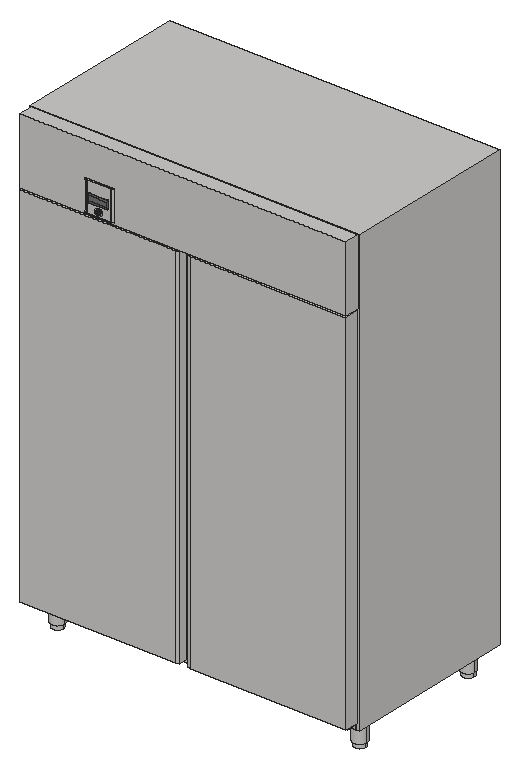
Revit family "QF_ELECTROLUXPROFESSIONAL_727995_REX142FFH", category Specialty Equipment, Revit 2018
Family settings
  Round Connector Dimension = Use Diameter
  Part Type = Normal
  Work Plane-Based = No
  Always vertical = Yes
  Cut with Voids When Loaded = No
  Shared = No
  Room Calculation Point = No
Parameters
  Weight = 210.00 kg
  Watts = 0 W
  Volts = 0 V
  URL Manufacturer = ""
  URL = ""
  Steam Supply Size = 0 mm
  Steam Supply Minimum Pressure = 0.0 Pa
  Steam Supply Maximum Pressure = 0.0 Pa
  Steam Pounds per Hour = 0
  Refrigeration Suction Line Size = 0 mm
  Refrigeration Liquid Line Size = 0 mm
  Refrigerant Compressor Remote = yes
  Manufacturer = ""
  Phase = 0
  Model = ""
  Length Actual = 1441 mm  # constant formula
  Item Number = ""
  Hot Water Size = 0 mm
  Height Actual = 2050 mm  # constant formula
  HP = "0.9 HP"
  Gas Size = 0 mm
  Gas KW = 0
  Gas Input Pressure = 0 W
  Direct Waste Size = 0 mm
  Description = ""
  Depth Actual = 835 mm  # constant formula
  Cycle = 0 Hz
  Condensate Return Size = 0 mm
  Compressed Air Volume = 0.0 L/s
  Compressed Air Size = 0 mm
  Compressed Air Pressure = 0.0 Pa
  Cold Water Size = 0 mm
  Accessory = yes
Types (2, lengths in mm): name | Volts | URL Manufacturer | URL | Manufacturer | Phase | Model | Item Number | Description | Cycle
  (no name) | 0 V | "" | "" | "" | 0 | "" | "" | "" | 0 Hz
  QF_ELECTROLUX_727995_REX142FFH.rfa | 220 V | "http://professional.electrolux.com" | "http://professional.electrolux.com" | "Electrolux" | 1 | "REX142FFH" | "727995" | "2-DOOR FREEZER 1430L -15/-20°C,DIGITAL WITH LIGHT-R290" | 60 Hz
Reference planes
  plane 1 "Center (Front/Back)": y = 0
  plane 2: z = 0
  plane 3 "Center (Left/Right)": x = 0
  plane 4 "BASE": z = 110
  plane 5 "TOP": z = 2050
  plane 6 "FRONT": y = -417.5
  plane 7 "BACK": y = 417.5
  plane 8 "LEFT": x = -720.5
  plane 9 "RIGHT": x = 720.5
Forms (mm)
  Extrusion 1, solid, material "QF_Finishes_Stainless Steel"
    sketch origin (0, 0, 0) x (1, 0, 0) y (0, 1, 0)
      loop
        circle (-643.5, 344.5) r 25
      loop
        circle (643.5, 344.5) r 25
      loop
        circle (-660.5, -269.5) r 25
      loop
        circle (660.5, -269.5) r 25
      loop
        circle (0, -121) r 25
    from 0 to 20
  Extrusion 2, solid, material "QF_Finishes_Stainless Steel"
    sketch origin (0, 0, 0) x (1, 0, 0) y (0, 1, 0)
      loop
        circle (-643.5, 344.5) r 30
      loop
        circle (643.5, 344.5) r 30
      loop
        circle (660.5, -269.5) r 30
      loop
        circle (-660.5, -269.5) r 30
      loop
        circle (0, -121) r 30
    from 20 to 110
  Extrusion 3, solid, material "QF_Finishes_Stainless Steel"
    sketch origin (0, 0, 110) x (-1, 0, 0) y (0, -1, 0)
      loop
        line (720.5, -417.5) -> (720.5, 345.5) -> (-720.5, 345.5) -> (-720.5, -417.5) -> (720.5, -417.5)
    from 0 to 1940
  Extrusion 4, solid
    sketch origin (0, 417.5, 1685) x (-1, 0, 0) y (0, 0, 1)
      loop
        circle (704.5, 124) r 10
    from 0 to 3.2
  Extrusion 5, solid, material "QF_Door-Drawer Clearances", detail levels coarse
    sketch origin (0, 0, 110) x (-1, 0, 0) y (0, -1, 0)
      loop
        line (-712.5, 409.5) -> (-648.5, 409.5) -> (-648.5, 1006.5) -> (-666.5, 1006.5) -> (-666.5, 1024.5) -> (-688.5, 1024.5) -> (-688.5, 1062.5) -> (-712.5, 1062.5) -> (-712.5, 409.5)
    from 1642.965 to 28
  Extrusion 6, solid, material "QF_Door-Drawer Clearances", detail levels coarse
    sketch origin (0, 0, 110) x (-1, 0, 0) y (0, -1, 0)
      loop
        line (-648.5, 409.5) -> (0, 409.5)
        arc (0, 409.5) -> (-211.9, 875.546) -> (-688.5, 1062.5) r 681.392
        line (-688.5, 1062.5) -> (-688.5, 1024.5) -> (-666.5, 1024.5) -> (-666.5, 1006.5) -> (-648.5, 1006.5) -> (-648.5, 409.5)
    from 1642.965 to 28
  Extrusion 7, solid, material "QF_Clearances", detail levels coarse
    sketch origin (0, 0, 110) x (-1, 0, 0) y (0, -1, 0)
      loop
        line (720.5, 417.5) -> (720.5, -417.5) -> (-720.5, -417.5) -> (-720.5, 417.5) -> (-750.5, 417.5) -> (-750.5, -447.5) -> (750.5, -447.5) -> (750.5, 417.5) -> (720.5, 417.5)
    from -110 to 1940
  Extrusion 8, solid, material "QF_Clearances", detail levels coarse
    sketch origin (0, 0, 2050) x (-1, 0, 0) y (0, -1, 0)
      loop
        line (750.5, -447.5) -> (750.5, 417.5) -> (-750.5, 417.5) -> (-750.5, -447.5) -> (750.5, -447.5)
    from 0 to 500
  Extrusion 9, void
    sketch origin (0, 417.5, 0) x (-1, 0, 0) y (0, 0, 1)
      loop
        line (645.5, 1724) -> (430, 1724) -> (430, 1695) -> (-430, 1695) -> (-430, 1724) -> (-645.5, 1724) -> (-645.5, 180) -> (-322.75, 170.906) -> (0, 180) -> (322.75, 170.906) -> (645.5, 180) -> (645.5, 1724)
    from -56 to -763
  Extrusion 10, solid, material "QF_Door-Drawer Clearances", detail levels coarse
    sketch origin (0, 0, 110) x (1, 0, 0) y (0, 1, 0)
      loop
        line (-712.5, -409.5) -> (-712.5, -1062.5) -> (-688.5, -1062.5) -> (-688.5, -1024.5) -> (-666.5, -1024.5) -> (-666.5, -1006.5) -> (-648.5, -1006.5) -> (-648.5, -409.5) -> (-712.5, -409.5)
    from 1642.965 to 28
  Extrusion 11, solid, material "QF_Door-Drawer Clearances", detail levels coarse
    sketch origin (0, 0, 110) x (1, 0, 0) y (0, 1, 0)
      loop
        line (-648.5, -409.5) -> (-648.5, -1006.5) -> (-666.5, -1006.5) -> (-666.5, -1024.5) -> (-688.5, -1024.5) -> (-688.5, -1062.5)
        arc (-688.5, -1062.5) -> (-211.9, -875.546) -> (0, -409.5) r 681.392
        line (0, -409.5) -> (-648.5, -409.5)
    from 1642.965 to 28
  Extrusion 12, solid, material "QF_Finishes_Stainless Steel"
    sketch origin (0, 417.5, 0) x (-1, 0, 0) y (0, 0, 1)
      loop
        line (40, 170.62) -> (40, 1695) -> (-40, 1695) -> (-40, 170.62) -> (0, 170) -> (40, 170.62)
    from -723 to -763
Cuts and joins
  joined: Extrusion 7, Extrusion 8
  Extrusion 9 cuts Extrusion 3
Lines and regions (mm)
  symbolic lines, style "SpecialityEquipmentHiddenLines"
    curve 1: line (712.5, -409.5, 110) -> (712.5, -1062.5, 110)
    curve 2: line (712.5, -1062.5, 110) -> (688.5, -1062.5, 110)
    curve 3: line (648.5, -409.5, 110) -> (648.5, -1006.5, 110)
    curve 4: line (688.5, -1062.5, 110) -> (688.5, -1024.5, 110)
    curve 5: line (688.5, -1024.5, 110) -> (666.5, -1024.5, 110)
    curve 6: line (666.5, -1024.5, 110) -> (666.5, -1006.5, 110)
    curve 7: line (666.5, -1006.5, 110) -> (648.5, -1006.5, 110)
    curve 13: arc (0, -409.5, 110) -> (211.9, -875.546, 110) -> (688.5, -1062.5, 110) r 681.392
    curve 14: line (-712.5, -1062.5, 110) -> (-688.5, -1062.5, 110)
    curve 15: line (-648.5, -409.5, 110) -> (-648.5, -1006.5, 110)
    curve 16: line (-688.5, -1062.5, 110) -> (-688.5, -1024.5, 110)
    curve 17: line (-688.5, -1024.5, 110) -> (-666.5, -1024.5, 110)
    curve 18: line (-666.5, -1024.5, 110) -> (-666.5, -1006.5, 110)
    curve 19: line (-666.5, -1006.5, 110) -> (-648.5, -1006.5, 110)
    curve 20: arc (0, -409.5, 110) -> (-211.9, -875.546, 110) -> (-688.5, -1062.5, 110) r 681.392
    curve 21: line (-712.5, -409.5, 110) -> (-712.5, -1062.5, 110)
  symbolic lines, style "QF_Clearances", detail levels coarse
    curve 8: line (-720.5, -417.5, 2050) -> (-750.5, -417.5, 2050)
    curve 9: line (-750.5, -417.5, 2050) -> (-750.5, 447.5, 2050)
    curve 10: line (-750.5, 447.5, 2050) -> (750.5, 447.5, 2050)
    curve 11: line (750.5, 447.5, 2050) -> (750.5, -417.5, 2050)
    curve 12: line (750.5, -417.5, 2050) -> (720.5, -417.5, 2050)
Dimensions and locks
  equal spacing: plane 7 "BACK", plane 1 "Center (Front/Back)", plane 6 "FRONT"
  equal spacing: plane 8 "LEFT", plane 3 "Center (Left/Right)", plane 9 "RIGHT"
  plane 8 "LEFT" to plane 9 "RIGHT" = 1441 mm
  plane 7 "BACK" to plane 6 "FRONT" = 835 mm
  plane 5 "TOP" to plane 2 = 2050 mm
  aligned and locked: level to plane 2
Automatic sketch dimensions
  curve 12 to plane 6 "FRONT" = 0 mm
  curve 12 to plane 9 "RIGHT" = 0 mm
  curve 8 to plane 6 "FRONT" = 0 mm
  curve 8 to plane 8 "LEFT" = 0 mm
  curve 10 to plane 9 "RIGHT" = 30 mm
  curve 8 to curve 9 = 30 mm
  plane 7 "BACK" to curve 10 = 30 mm
  Extrusion 1 sketch curve to plane 3 "Center (Left/Right)" = 0 mm
  plane 8 "LEFT" to Extrusion 1 sketch curve = 77 mm
  plane 8 "LEFT" to Extrusion 1 sketch curve = 60 mm
  plane 9 "RIGHT" to Extrusion 1 sketch curve = 77 mm
  plane 9 "RIGHT" to Extrusion 1 sketch curve = 60 mm
  plane 6 "FRONT" to Extrusion 1 sketch curve = 148 mm  (x2)
  plane 1 "Center (Front/Back)" to Extrusion 1 sketch curve = 121 mm
  Extrusion 1 sketch curve to plane 7 "BACK" = 73 mm  (x2)
  Extrusion 2 sketch curve to plane 3 "Center (Left/Right)" = 0 mm
  plane 8 "LEFT" to Extrusion 2 sketch curve = 77 mm
  plane 8 "LEFT" to Extrusion 2 sketch curve = 60 mm
  plane 9 "RIGHT" to Extrusion 2 sketch curve = 77 mm
  plane 9 "RIGHT" to Extrusion 2 sketch curve = 60 mm
  plane 6 "FRONT" to Extrusion 2 sketch curve = 148 mm  (x2)
  plane 1 "Center (Front/Back)" to Extrusion 2 sketch curve = 121 mm
  Extrusion 2 sketch curve to plane 7 "BACK" = 73 mm  (x2)
  Extrusion 3 sketch curve to plane 7 "BACK" = 0 mm
  Extrusion 3 sketch curve to plane 9 "RIGHT" = 0 mm
  Extrusion 3 sketch curve to plane 8 "LEFT" = 0 mm
  plane 6 "FRONT" to Extrusion 3 sketch curve = 72 mm
  plane 8 "LEFT" to Extrusion 4 sketch curve = 16 mm
  Extrusion 4 sketch curve to plane 5 "TOP" = 241 mm
  plane 9 "RIGHT" to Extrusion 5 sketch curve = 8 mm
  plane 9 "RIGHT" to Extrusion 5 sketch curve = 32 mm
  Extrusion 5 sketch curve to Extrusion 5 sketch curve = 22 mm
  plane 6 "FRONT" to Extrusion 5 sketch curve = 8 mm
  Extrusion 5 sketch curve to Extrusion 5 sketch curve = 64 mm
  Extrusion 5 sketch curve to plane 6 "FRONT" = 589 mm
  Extrusion 5 sketch curve to Extrusion 5 sketch curve = 18 mm
  Extrusion 5 sketch curve to Extrusion 5 sketch curve = 38 mm
  Extrusion 6 sketch curve to plane 3 "Center (Left/Right)" = 0 mm
  plane 9 "RIGHT" to Extrusion 6 sketch curve = 72 mm
  Extrusion 6 sketch curve to Extrusion 6 sketch curve = 18 mm  (x2)
  plane 9 "RIGHT" to Extrusion 6 sketch curve = 39.698 mm
  Extrusion 6 sketch curve to Extrusion 6 sketch curve = 22 mm
  plane 6 "FRONT" to Extrusion 6 sketch curve = 36.349 mm
  plane 6 "FRONT" to Extrusion 6 sketch curve = 8 mm
  Extrusion 6 sketch curve to Extrusion 6 sketch curve = 56 mm
  Extrusion 7 sketch curve to plane 6 "FRONT" = 0 mm  (x2)
  Extrusion 7 sketch curve to plane 7 "BACK" = 0 mm
  Extrusion 7 sketch curve to plane 9 "RIGHT" = 0 mm
  Extrusion 7 sketch curve to plane 8 "LEFT" = 0 mm
  Extrusion 7 sketch curve to plane 9 "RIGHT" = 30 mm
  Extrusion 7 sketch curve to Extrusion 7 sketch curve = 30 mm
  plane 7 "BACK" to Extrusion 7 sketch curve = 30 mm
  Extrusion 8 sketch curve to plane 6 "FRONT" = 0 mm
  Extrusion 8 sketch curve to plane 9 "RIGHT" = 30 mm
  Extrusion 8 sketch curve to plane 8 "LEFT" = 30 mm
  plane 7 "BACK" to Extrusion 8 sketch curve = 30 mm
  Extrusion 10 sketch curve to plane 8 "LEFT" = 8 mm
  Extrusion 10 sketch curve to plane 8 "LEFT" = 32 mm
  Extrusion 10 sketch curve to Extrusion 10 sketch curve = 22 mm
  Extrusion 10 sketch curve to plane 6 "FRONT" = 8 mm
  Extrusion 10 sketch curve to Extrusion 10 sketch curve = 64 mm
  plane 6 "FRONT" to Extrusion 10 sketch curve = 589 mm
  Extrusion 10 sketch curve to Extrusion 10 sketch curve = 18 mm
  Extrusion 10 sketch curve to Extrusion 10 sketch curve = 38 mm
  Extrusion 11 sketch curve to plane 3 "Center (Left/Right)" = 0 mm
  Extrusion 11 sketch curve to plane 8 "LEFT" = 72 mm
  Extrusion 11 sketch curve to Extrusion 11 sketch curve = 18 mm  (x2)
  Extrusion 11 sketch curve to plane 8 "LEFT" = 39.698 mm
  Extrusion 11 sketch curve to Extrusion 11 sketch curve = 22 mm
  Extrusion 11 sketch curve to plane 6 "FRONT" = 36.349 mm
  Extrusion 11 sketch curve to plane 6 "FRONT" = 8 mm
  Extrusion 11 sketch curve to Extrusion 11 sketch curve = 56 mm
  Extrusion 12 sketch curve to plane 3 "Center (Left/Right)" = 0 mm
  plane 3 "Center (Left/Right)" to Extrusion 12 sketch curve = 40 mm
  Extrusion 12 sketch curve to plane 3 "Center (Left/Right)" = 40 mm
  plane 4 "BASE" to Extrusion 12 sketch curve = 60 mm
  Extrusion 12 sketch curve to Extrusion 12 sketch curve = 0.62 mm  (x2)
  Extrusion 12 sketch curve to Extrusion 12 sketch curve = 1524.38 mm
  Extrusion 9 sketch curve to plane 3 "Center (Left/Right)" = 0 mm
  plane 4 "BASE" to Extrusion 9 sketch curve = 60.906 mm  (x2)
  plane 3 "Center (Left/Right)" to Extrusion 9 sketch curve = 322.75 mm
  plane 9 "RIGHT" to Extrusion 9 sketch curve = 290.5 mm
  plane 9 "RIGHT" to Extrusion 9 sketch curve = 75 mm
  Extrusion 9 sketch curve to plane 3 "Center (Left/Right)" = 322.75 mm
  plane 8 "LEFT" to Extrusion 9 sketch curve = 290.5 mm
  plane 8 "LEFT" to Extrusion 9 sketch curve = 75 mm
  plane 4 "BASE" to Extrusion 9 sketch curve = 70 mm  (x3)
  Extrusion 9 sketch curve to plane 5 "TOP" = 355 mm
  Extrusion 9 sketch curve to Extrusion 9 sketch curve = 29 mm  (x2)
  curve 20 to plane 3 "Center (Left/Right)" = 0 mm
  plane 9 "RIGHT" to curve 3 = 72 mm
  curve 5 to curve 3 = 18 mm
  plane 9 "RIGHT" to curve 13 = 39.698 mm
  curve 4 to curve 5 = 22 mm
  plane 9 "RIGHT" to curve 2 = 8 mm
  plane 8 "LEFT" to curve 19 = 72 mm
  curve 15 to curve 18 = 18 mm
  plane 8 "LEFT" to curve 20 = 39.698 mm
  curve 17 to curve 16 = 22 mm
  plane 8 "LEFT" to curve 14 = 8 mm
  plane 6 "FRONT" to curve 20 = 36.349 mm
  plane 6 "FRONT" to curve 13 = 36.349 mm
  curve 15 to plane 6 "FRONT" = 589 mm
  curve 3 to plane 6 "FRONT" = 589 mm
  curve 6 to curve 5 = 18 mm
  curve 18 to curve 18 = 18 mm
  curve 16 to curve 16 = 38 mm
  plane 6 "FRONT" to curve 15 = 8 mm
  plane 6 "FRONT" to curve 3 = 8 mm
  plane 6 "FRONT" to curve 21 = 8 mm
  plane 6 "FRONT" to curve 1 = 8 mm
  radius of Extrusion 1 sketch curve = 25 mm  (x5)
  radius of Extrusion 2 sketch curve = 30 mm  (x5)
  radius of Extrusion 4 sketch curve = 10 mm
Nested families
  nested 1: "QF_727995_Door" at (0, -345.5, 968.365) x (1, 0, 0) z (0, -1, 0), type "QF_727995_Door"
    with Show Clearance yes
  nested 2: "Freezer" at (720.5, -417.5, 110), type "Freezer"
Connectors
  electrical at (-704.5, 420.7, 1809), driven by "Volts"
    settings: on Extrusion 4, index 2, voltage 0 V, apparent load 0 VA, apparent load phase1 0 VA, apparent load phase2 0 VA, apparent load phase3 0 VA, power factor 1, load classification "Other", number of poles 1, system type 30, power factor state 1, is connector primary yes, connector utility no, sub classification motor no, connector description "Electrical Connection"
Definition of nested family "QF_727995_Door"
  Parameters
    Show Clearance [instance] = yes
    Model = "727995"
    Default Elevation = 0 mm
  Reference planes
    plane 1 "Center (Front/Back)": y = 0
    plane 2: z = 0
    plane 3 "Center (Left/Right)": x = 0
    plane 4 "panel": z = 64
  Forms (mm)
    Extrusion 1, solid
      sketch origin (0, -919.2, 0) x (1, 0, 0) y (0, 1, 0)
        loop
          line (-980.5, 2119.2) -> (-980.5, -162.846) -> (881.94, -162.846) -> (881.94, 2119.2) -> (-980.5, 2119.2)
      from 0 to -59.546
    Extrusion 2, solid
      sketch origin (365.5, 0, 0) x (1, 0, 0) y (0, 0, 1)
        loop
          line (-347, 26) -> (-325, 26) -> (-325, 8) -> (-307, 8) -> (-307, 0) -> (339, 0) -> (339, 8) -> (347, 8) -> (347, 64) -> (-332, 64) -> (-347, 60) -> (-347, 26)
      from -784.6 to 830.4
    Extrusion 3, solid
      sketch origin (484.5, -516.365, 0) x (0, 1, 0) y (0, 0, 1)
        loop
          line (-323.003, 40.312) -> (-316.501, 40.312) -> (-316.501, 42.812) -> (-325.503, 42.812) -> (-325.503, 2.5) -> (-342, 2.5) -> (-342, 0) -> (-323.003, 0) -> (-323.003, 12.259) -> (-323.003, 40.312)
        loop
          line (-314, 38.311) -> (-316.501, 38.311) -> (-316.501, 14.304) -> (-319.752, 14.304) -> (-319.752, 11.804) -> (-314, 11.804) -> (-314, 38.311)
      from 185 to 220
    Extrusion 4, solid
      sketch origin (484.5, 469.597, 0) x (0, 1, 0) y (0, 0, 1)
        loop
          line (315.003, 27.948) -> (315.003, 2.948) -> (315.003, 0) -> (322.003, 0) -> (322.003, 2.5) -> (317.503, 2.5) -> (317.503, 27.948) -> (315.003, 27.948)
      from 185 to 220
    Extrusion 5, solid
      sketch origin (-365.5, 0, 0) x (-1, 0, 0) y (0, 0, -1)
        loop
          line (-1078, -64) -> (347, -64) -> (347, 0) -> (-1078, 0) -> (-1078, -64)
      from -1081.6 to -791.6
    Extrusion 6, solid
      sketch origin (-365.5, 0, 0) x (-1, 0, 0) y (0, 0, -1)
        loop
          line (-347, -26) -> (-347, -60) -> (-332, -64) -> (347, -64) -> (347, -8) -> (339, -8) -> (339, 0) -> (-307, 0) -> (-307, -8) -> (-325, -8) -> (-325, -26) -> (-347, -26)
      from -784.6 to 830.4
    Extrusion 7, solid
      sketch origin (-484.5, -516.365, 0) x (0, 1, 0) y (0, 0, -1)
        loop
          line (-323.003, -40.312) -> (-323.003, -12.259) -> (-323.003, 0) -> (-342, 0) -> (-342, -2.5) -> (-325.503, -2.5) -> (-325.503, -42.812) -> (-316.501, -42.812) -> (-316.501, -40.312) -> (-323.003, -40.312)
        loop
          line (-314, -38.311) -> (-314, -11.804) -> (-319.752, -11.804) -> (-319.752, -14.304) -> (-316.501, -14.304) -> (-316.501, -38.311) -> (-314, -38.311)
      from 185 to 220
    Extrusion 8, solid
      sketch origin (-484.5, 469.597, 0) x (0, 1, 0) y (0, 0, -1)
        loop
          line (315.003, -27.948) -> (317.503, -27.948) -> (317.503, -2.5) -> (322.003, -2.5) -> (322.003, 0) -> (315.003, 0) -> (315.003, -2.948) -> (315.003, -27.948)
      from 185 to 220
  Lines and regions (mm)
    symbolic lines
      curve 1: line (-712.5, 0, 64) -> (712.5, 0, 64)
      curve 2: line (712.5, 0, 0) -> (-712.5, 0, 0)
      curve 3: line (712.5, 0, 64) -> (712.5, 0, 0)
      curve 4: line (704.5, 0, 8) -> (712.5, 0, 8)
      curve 5: line (704.5, 0, 8) -> (704.5, 0, 0)
      curve 6: line (-376.111, 0, 72) -> (-356.111, 0, 72)
      curve 7: line (-376.111, 0, 66) -> (-376.111, 0, 72)
      curve 8: line (-356.111, 0, 72) -> (-356.111, 0, 66)
      curve 9: line (-380.111, 0, 66) -> (-352.111, 0, 66)
      curve 10: line (-380.111, 0, 64) -> (-380.111, 0, 66)
      curve 11: line (-352.111, 0, 66) -> (-352.111, 0, 64)
      curve 12: line (-712.5, 0, 64) -> (-712.5, 0, 0)
      curve 13: line (-704.5, 0, 8) -> (-712.5, 0, 8)
      curve 14: line (-704.5, 0, 8) -> (-704.5, 0, 0)
  Dimensions and locks
    aligned and locked: plane 2 to Extrusion 1
    aligned and locked: level to Extrusion 1
  Nested families
    nested 1: "QF_DisplayStandardCabinets" at (-365.5, 863.6, 64), type "QF_DisplayStandardCabinets"
      with Show Clearance yes, Default Elevation 0 mm
  Definition of nested family "QF_DisplayStandardCabinets"
    Parameters
      Show Clearance [instance] = yes
      Model = "728658"
      Default Elevation = 1219.2 mm
    Reference planes
      plane 1 "Center (Front/Back)": y = 0
      plane 2: z = 0
      plane 3 "Center (Left/Right)": x = 0
    Forms (mm)
      Extrusion 1, solid
        sketch origin (0, -919.2, 0) x (1, 0, 0) y (0, 1, 0)
          loop
            line (-198.75, 1146.2) -> (-198.75, 709.567) -> (165.741, 709.567) -> (165.741, 1146.2) -> (-198.75, 1146.2)
        from 0 to -59.546
      Extrusion 2, solid
        sketch origin (-59, -44.611, 0) x (0, 1, 0) y (-1, 0, 0)
          loop
            circle (0.611, -59) r 14
        from 5 to 7
      Extrusion 3, solid
        sketch origin (744.635, 320.889, 0) x (0, 1, 0) y (-1, 0, 0)
          loop
            circle (-364.889, 744.635) r 10
          loop
            circle (-364.889, 744.635) r 9
        from 5 to 8
      Extrusion 4, solid
        sketch origin (744.635, 320.889, 0) x (0, 1, 0) y (-1, 0, 0)
          loop
            circle (-364.889, 744.635) r 8.7
        from 5 to 8
      Extrusion 5, void
        sketch origin (744.635, 320.889, 0) x (0, 1, 0) y (-1, 0, 0)
          loop
            line (-372.339, 745.885) -> (-372.339, 743.385) -> (-362.339, 743.385) -> (-362.339, 745.885) -> (-372.339, 745.885)
        from 8.592 to 6.269
      Blend 6, solid
        base sketch origin (365.719, -803.635, 0) x (1, 0, 0) y (0, 1, 0)
          loop
            arc (-424.229, 873.635) -> (-428.653, 871.803) -> (-430.485, 867.38) r 6.255
            line (-430.485, 867.38) -> (-430.485, 739.89)
            arc (-430.485, 739.89) -> (-428.653, 735.467) -> (-424.229, 733.635) r 6.255
            line (-424.229, 733.635) -> (-307.728, 733.635)
            arc (-307.728, 733.635) -> (-303.305, 735.467) -> (-301.473, 739.89) r 6.255
            line (-301.473, 739.89) -> (-301.473, 867.38)
            arc (-301.473, 867.38) -> (-303.305, 871.803) -> (-307.728, 873.635) r 6.255
            line (-307.728, 873.635) -> (-424.229, 873.635)
        top sketch origin (365.719, -803.635, 0) x (1, 0, 0) y (0, 1, 0)
          loop
            line (-418.756, 738.326) -> (-313.201, 738.326) -> (-313.201, 868.943) -> (-418.756, 868.943) -> (-418.756, 738.326)
        from 0 to 4
      Extrusion 7, solid
        sketch origin (744.635, 320.889, 0) x (0, 1, 0) y (-1, 0, 0)
          loop
            line (-372.339, 745.885) -> (-372.339, 743.385) -> (-362.339, 743.385) -> (-362.339, 745.885) -> (-372.339, 745.885)
        from 6 to 8
      Extrusion 8, void
        sketch origin (0, 0, 0) x (1, 0, 0) y (0, 1, 0)
          loop
            line (-53.037, 65.309) -> (-53.037, -65.309) -> (52.518, -65.309) -> (52.518, 65.309) -> (-53.037, 65.309)
        from 5 to 2
      Extrusion 9, solid
        sketch origin (0, 0, 0) x (1, 0, 0) y (0, 1, 0)
          loop
            line (-51.473, 63.745) -> (-51.473, -63.745) -> (50.954, -63.745) -> (50.954, 63.745) -> (-51.473, 63.745)
        from 2.2 to 4
      Extrusion 10, solid
        sketch origin (0, -30, 0) x (0, 1, 0) y (0, 0, 1)
          loop
            line (10.404, 4) -> (17.404, 4) -> (17.404, 8)
            arc (17.404, 8) -> (13.868, 7.749) -> (10.404, 7) r 25
            line (10.404, 7) -> (10.404, 4)
          loop
            arc (47.404, 7) -> (43.939, 7.749) -> (40.404, 8) r 25
            line (40.404, 8) -> (40.404, 4) -> (47.404, 4) -> (47.404, 7)
        from 40 to -40
      Extrusion 11, solid
        sketch origin (0, -30, 0) x (1, 0, 0) y (0, 1, 0)
          loop
            line (-40, 40.404) -> (-40, 17.404) -> (40, 17.404) -> (40, 40.404) -> (-40, 40.404)
        from 8 to 4
    Cuts and joins
      Extrusion 5 cuts Extrusion 4
      Extrusion 8 cuts Blend 6
      joined: Extrusion 10, Extrusion 11
    Lines and regions (mm)
      Split face 1
        outline origin (-41, 10.404, 8) x (-1, 0, 0) y (0, -1, 0)
          loop
            line (-72.157, 0.05) -> (-72.157, 10.5) -> (-78.157, 10.5) -> (-78.157, 0.05) -> (-72.157, 0.05)
      Split face 2
        outline origin (-50, 10.404, 8) x (-1, 0, 0) y (0, -1, 0)
          loop
            line (-72.157, 0.05) -> (-72.157, 10.5) -> (-78.157, 10.5) -> (-78.157, 0.05) -> (-72.157, 0.05)
      Split face 3
        outline origin (-50, 10.404, 8) x (-1, 0, 0) y (0, -1, 0)
          loop
            line (-72.157, 12.45) -> (-72.157, 22.9) -> (-78.157, 22.9) -> (-78.157, 12.45) -> (-72.157, 12.45)
      Split face 4
        outline origin (-50, 10.404, 8) x (-1, 0, 0) y (0, -1, 0)
          loop
            line (-81.157, 12.45) -> (-81.157, 22.9) -> (-87.157, 22.9) -> (-87.157, 12.45) -> (-81.157, 12.45)
      Split face 5
        outline origin (-50, 10.404, 8) x (-1, 0, 0) y (0, -1, 0)
          loop
            line (-13, 0.1) -> (-13, 22.9) -> (-69, 22.9) -> (-69, 0.1) -> (-13, 0.1)
      symbolic lines
        curve 1: line (52.518, 0, 4) -> (-53.037, 0, 4)
        curve 2: line (40, 0, 4) -> (40, 0, 8)
        curve 3: line (40, 0, 8) -> (-40, 0, 8)
        curve 4: line (-40, 0, 8) -> (-40, 0, 4)
        curve 5: line (-64.765, 0, 0) -> (-53.037, 0, 4)
        curve 6: line (52.518, 0, 4) -> (64.135, 0, 0)
    Dimensions and locks
      aligned and locked: plane 2 to Extrusion 1
      aligned and locked: level to Extrusion 1
Definition of nested family "Freezer"
  Reference planes
    plane 1 "Center (Front/Back)": y = 0
    plane 2: z = 0
    plane 3 "Center (Left/Right)": x = 0
  Lines and regions (mm)
    detail lines, in view "Ref. Level"
      curve 1: spline (-500, 190, 0) -> (-493.185, 166.706, 0) -> (-473.205, 145, 0) -> (-441.421, 126.36, 0) -> (-400, 112.058, 0) -> (-351.764, 103.067, 0) -> (-300, 100, 0) -> (-248.236, 103.067, 0) -> (-200, 112.058, 0) -> (-158.579, 126.36, 0) -> (-126.795, 145, 0) -> (-106.815, 166.706, 0) -> (-100, 190, 0) -> (-106.815, 213.294, 0) -> (-126.795, 235, 0) -> (-158.579, 253.64, 0) -> (-200, 267.942, 0) -> (-248.236, 276.933, 0) -> (-300, 280, 0) -> (-351.764, 276.933, 0) -> (-400, 267.942, 0) -> (-441.421, 253.64, 0) -> (-473.205, 235, 0) -> (-493.185, 213.294, 0) -> (-500, 190, 0)
      curve 2: line (-220, 130, 0) -> (-220, 250, 0)
      curve 3: line (-271.962, 220, 0) -> (-168.038, 160, 0)
      curve 4: line (-271.962, 160, 0) -> (-168.038, 220, 0)
      curve 5: line (-200.884, 246.873, 0) -> (-220, 225, 0)
      curve 6: line (-220, 225, 0) -> (-239.116, 246.873, 0)
      curve 7: line (-250.311, 207.5, 0) -> (-260, 235.883, 0)
      curve 8: line (-279.736, 201.7, 0) -> (-250.311, 207.5, 0)
      curve 9: line (-250.311, 172.5, 0) -> (-279.736, 178.3, 0)
      curve 10: line (-260, 144.117, 0) -> (-250.311, 172.5, 0)
      curve 11: line (-220, 155, 0) -> (-239.116, 133.127, 0)
      curve 12: line (-200.884, 133.127, 0) -> (-220, 155, 0)
      curve 13: line (-189.689, 172.5, 0) -> (-180.304, 145.008, 0)
      curve 14: line (-161.188, 178.118, 0) -> (-189.689, 172.5, 0)
      curve 15: line (-189.689, 207.5, 0) -> (-161.188, 201.882, 0)
      curve 16: line (-180.304, 234.992, 0) -> (-189.689, 207.5, 0)
      curve 17: line (-380, 130, 0) -> (-380, 250, 0)
      curve 18: line (-431.962, 220, 0) -> (-328.038, 160, 0)
      curve 19: line (-431.962, 160, 0) -> (-328.038, 220, 0)
      curve 20: line (-360.884, 246.873, 0) -> (-380, 225, 0)
      curve 21: line (-380, 225, 0) -> (-399.116, 246.873, 0)
      curve 22: line (-410.311, 207.5, 0) -> (-419.696, 234.992, 0)
      curve 23: line (-438.812, 201.882, 0) -> (-410.311, 207.5, 0)
      curve 24: line (-410.311, 172.5, 0) -> (-438.812, 178.118, 0)
      curve 25: line (-419.696, 145.008, 0) -> (-410.311, 172.5, 0)
      curve 26: line (-380, 155, 0) -> (-399.116, 133.127, 0)
      curve 27: line (-360.884, 133.127, 0) -> (-380, 155, 0)
      curve 28: line (-349.689, 172.5, 0) -> (-340, 144.117, 0)
      curve 29: line (-320.264, 178.3, 0) -> (-349.689, 172.5, 0)
      curve 30: line (-349.689, 207.5, 0) -> (-320.264, 201.7, 0)
      curve 31: line (-340, 235.883, 0) -> (-349.689, 207.5, 0)
